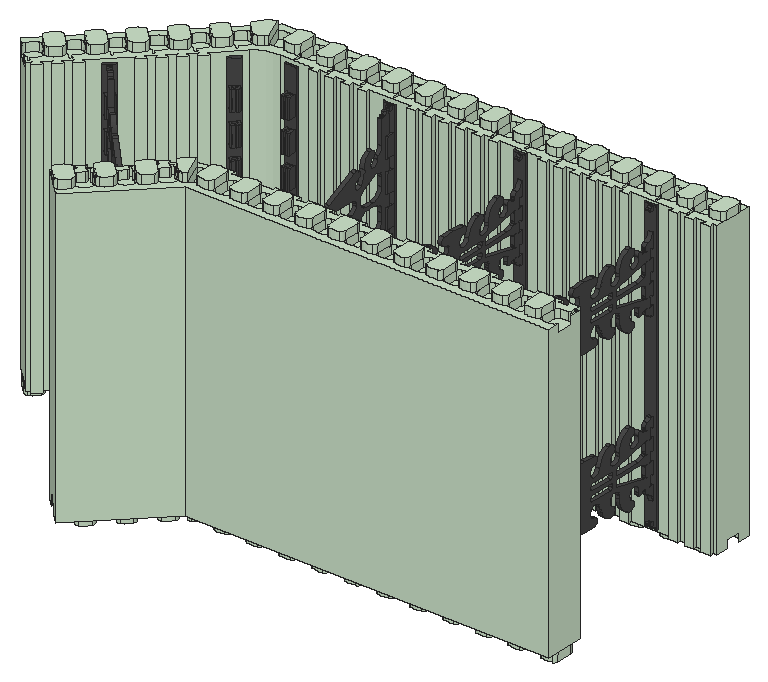
Revit family
Reference planes (in)
  plane 1 "Center (Front/Back)": y = 0
  plane 2: z = 0
  plane 3 "Center (Left/Right)": x = 0
  plane 4: y = 5
  plane 5: y = -5
  plane 6: through (-2.65685, 4.41421, 48) normal (0.7071, -0.7071, 0)
  plane 7: through (4.67464, 4.67464, 48) normal (0.7071, -0.7071, 0)
  plane 8: through (8.21018, 1.13911, 48) normal (0.7071, -0.7071, 0)
  plane 9: z = 18
Forms (in)
  Extrusion 1, solid, material "NUDURA Expanded Polystyrene Foam Insulation"
    sketch origin (0, 0, 0) x (1, 0, 0) y (0, 1, 0)
      loop
        line (-3.15838, 7.625) -> (-12.01911, -1.23573) -> (-10.33973, -2.91511) -> (-10.14091, -2.71629) -> (-10.00821, -2.93714) -> (-9.61058, -2.53952) -> (-9.83144, -2.40681) -> (-9.43381, -2.00919) -> (-9.30111, -2.23004) -> (-8.90348, -1.83241) -> (-9.12433, -1.69971) -> (-8.7267, -1.30208) -> (-8.594, -1.52293) -> (-8.19637, -1.1253) -> (-8.41722, -0.9926) -> (-6.60538, 0.81924) -> (-6.47268, 0.59839) -> (-6.07505, 0.99602) -> (-6.2959, 1.12872) -> (-5.89827, 1.52635) -> (-5.76557, 1.3055) -> (-5.36794, 1.70313) -> (-5.58879, 1.83583) -> (-5.19117, 2.23346) -> (-5.05846, 2.0126) -> (-4.66084, 2.41023) -> (-4.88169, 2.54293) -> (-4.48406, 2.94056) -> (-4.35136, 2.71971) -> (-3.95373, 3.11734) -> (-4.17458, 3.25004) -> (-2.76041, 4.66421)
        arc (-2.76041, 4.66421) -> (-2.11156, 5.09776) -> (-1.34619, 5.25) r 2
        line (-1.34619, 5.25) -> (0.65375, 5.25) -> (0.59142, 5) -> (1.15375, 5) -> (1.09142, 5.25) -> (1.65375, 5.25) -> (1.59142, 5) -> (2.15375, 5) -> (2.09142, 5.25) -> (2.65375, 5.25) -> (2.59142, 5) -> (3.15375, 5) -> (3.09142, 5.25) -> (3.65375, 5.25) -> (3.59142, 5) -> (4.15375, 5) -> (4.09142, 5.25) -> (6.65375, 5.25) -> (6.59142, 5) -> (7.15375, 5) -> (7.09142, 5.25) -> (7.65375, 5.25) -> (7.59142, 5) -> (8.15375, 5) -> (8.09142, 5.25) -> (8.65375, 5.25) -> (8.59142, 5) -> (9.15375, 5) -> (9.09142, 5.25) -> (9.65375, 5.25) -> (9.59142, 5) -> (10.15375, 5) -> (10.09142, 5.25) -> (10.65375, 5.25) -> (10.59142, 5) -> (11.15375, 5) -> (11.09142, 5.25) -> (11.65375, 5.25) -> (11.59142, 5) -> (12.15375, 5) -> (12.09142, 5.25) -> (14.65375, 5.25) -> (14.59142, 5) -> (15.15375, 5) -> (15.09142, 5.25) -> (15.65375, 5.25) -> (15.59142, 5) -> (16.15375, 5) -> (16.09142, 5.25) -> (16.65375, 5.25) -> (16.59142, 5) -> (17.15375, 5) -> (17.09142, 5.25) -> (17.65375, 5.25) -> (17.59142, 5) -> (18.15375, 5) -> (18.09142, 5.25) -> (18.65375, 5.25) -> (18.59142, 5) -> (19.15375, 5) -> (19.09142, 5.25) -> (19.65375, 5.25) -> (19.59142, 5) -> (20.15375, 5) -> (20.09142, 5.25) -> (22.65375, 5.25) -> (22.59142, 5) -> (23.15375, 5) -> (23.09142, 5.25) -> (23.65375, 5.25) -> (23.59142, 5) -> (24.15375, 5) -> (24.09142, 5.25) -> (24.65375, 5.25) -> (24.59142, 5) -> (25.15375, 5) -> (25.09142, 5.25) -> (25.37258, 5.25) -> (25.37258, 7.625) -> (-3.15838, 7.625)
      loop
        line (25.37258, -5.25) -> (25.09142, -5.25) -> (25.15375, -5) -> (24.59142, -5) -> (24.65375, -5.25) -> (24.09142, -5.25) -> (24.15375, -5) -> (23.59142, -5) -> (23.65375, -5.25) -> (23.09142, -5.25) -> (23.15375, -5) -> (22.59142, -5) -> (22.65375, -5.25) -> (20.09142, -5.25) -> (20.15375, -5) -> (19.59142, -5) -> (19.65375, -5.25) -> (19.09142, -5.25) -> (19.15375, -5) -> (18.59142, -5) -> (18.65375, -5.25) -> (18.09142, -5.25) -> (18.15375, -5) -> (17.59142, -5) -> (17.65375, -5.25) -> (17.09142, -5.25) -> (17.15375, -5) -> (16.59142, -5) -> (16.65375, -5.25) -> (16.09142, -5.25) -> (16.15375, -5) -> (15.59142, -5) -> (15.65375, -5.25) -> (15.09142, -5.25) -> (15.15375, -5) -> (14.59142, -5) -> (14.65375, -5.25) -> (12.09142, -5.25) -> (12.15375, -5) -> (11.59142, -5) -> (11.65375, -5.25) -> (11.09142, -5.25) -> (11.15375, -5) -> (10.59142, -5) -> (10.65375, -5.25) -> (10.09142, -5.25) -> (10.15375, -5) -> (9.59142, -5) -> (9.65375, -5.25) -> (9.09142, -5.25) -> (9.15375, -5) -> (8.59142, -5) -> (8.65375, -5.25) -> (8.09142, -5.25) -> (8.15375, -5) -> (7.59142, -5) -> (7.65375, -5.25) -> (7.09142, -5.25) -> (7.15375, -5) -> (6.59142, -5) -> (6.65375, -5.25) -> (4.09142, -5.25) -> (4.15375, -5) -> (3.59142, -5) -> (3.65375, -5.25) -> (3.00305, -5.25)
        arc (3.00305, -5.25) -> (2.23768, -5.40224) -> (1.58883, -5.83579) r 2
        line (1.58883, -5.83579) -> (1.12872, -6.2959) -> (0.99602, -6.07505) -> (0.59839, -6.47268) -> (0.81924, -6.60538) -> (-0.9926, -8.41722) -> (-1.1253, -8.19637) -> (-1.52293, -8.594) -> (-1.30208, -8.7267) -> (-1.69971, -9.12433) -> (-1.83241, -8.90348) -> (-2.23004, -9.30111) -> (-2.00919, -9.43381) -> (-2.40681, -9.83144) -> (-2.53952, -9.61058) -> (-2.93714, -10.00821) -> (-2.71629, -10.14091) -> (-2.91511, -10.33973) -> (-1.23573, -12.01911) -> (3.15838, -7.625) -> (25.37258, -7.625) -> (25.37258, -5.25)
    from 0 to 18
  Extrusion 2, solid, material "NUDURA Expanded Polystyrene Foam Insulation"
    sketch origin (-0.82843, 2, 0) x (1, 0, 0) y (0, 1, 0)
      loop
        line (-1.52741, 3.6875) -> (-2.09947, 5.06856)
        arc (-2.09947, 5.06856) -> (-2.3696, 4.92417) -> (-2.60638, 4.72985) r 1.5625
        line (-2.60638, 4.72985) -> (-2.74959, 4.58664)
        arc (-2.74959, 4.58664) -> (-2.85744, 4.46046) -> (-2.94431, 4.31902) r 1.0625
        arc (-2.94431, 4.31902) -> (-2.96867, 4.16628) -> (-2.8985, 4.02844) r 0.25
        line (-2.8985, 4.02844) -> (-2.24713, 3.37708)
        arc (-2.24713, 3.37708) -> (-2.10929, 3.3069) -> (-1.95655, 3.33126) r 0.25
        arc (-1.95655, 3.33126) -> (-1.81511, 3.41814) -> (-1.68893, 3.52598) r 1.0625
        line (-1.68893, 3.52598) -> (-1.52741, 3.6875)
    from 18 to 18.5
  Extrusion 3, solid, material "NUDURA Expanded Polystyrene Foam Insulation"
    sketch origin (-0.82843, 2, 0) x (1, 0, 0) y (0, 1, 0)
      loop
        line (-1.52741, 3.6875) -> (-1.29899, 3.6875)
        arc (-1.29899, 3.6875) -> (-1.13351, 3.70047) -> (-0.97207, 3.73905) r 1.0625
        arc (-0.97207, 3.73905) -> (-0.84684, 3.82983) -> (-0.79899, 3.97692) r 0.25
        line (-0.79899, 3.97692) -> (-0.79899, 4.89808)
        arc (-0.79899, 4.89808) -> (-0.84684, 5.04517) -> (-0.97207, 5.13595) r 0.25
        arc (-0.97207, 5.13595) -> (-1.13351, 5.17453) -> (-1.29899, 5.1875) r 1.0625
        line (-1.29899, 5.1875) -> (-1.50152, 5.1875)
        arc (-1.50152, 5.1875) -> (-1.80635, 5.15748) -> (-2.09947, 5.06856) r 1.5625
        line (-2.09947, 5.06856) -> (-1.52741, 3.6875)
    from 0 to -0.5
  Extrusion 4, void
    sketch origin (0.57763, -2.23448, 0) x (1, 0, 0) y (0, 1, 0)
      loop
        arc (-1.33783, -8.60117) -> (-1.07021, -8.40645) -> (-0.87549, -8.13883) r 1.0625
        arc (-0.87549, -8.13883) -> (-0.85114, -7.98608) -> (-0.92131, -7.84824) r 0.25
        line (-0.92131, -7.84824) -> (-1.57267, -7.19688)
        arc (-1.57267, -7.19688) -> (-1.64938, -7.14456) -> (-1.7399, -7.12384) r 0.25
        arc (-1.7399, -7.12384) -> (-1.76253, -7.11866) -> (-1.78171, -7.10558) r 0.0625
        line (-1.78171, -7.10558) -> (-2.02643, -6.86086) -> (-2.14723, -6.98165) -> (-1.99053, -7.13835)
        arc (-1.99053, -7.13835) -> (-1.97244, -7.18765) -> (-1.99833, -7.23335) r 0.0625
        arc (-1.99833, -7.23335) -> (-2.18471, -7.40379) -> (-2.32559, -7.6134) r 1.0625
        arc (-2.32559, -7.6134) -> (-2.34995, -7.76615) -> (-2.27978, -7.90399) r 0.25
        line (-2.27978, -7.90399) -> (-1.62842, -8.55535)
        arc (-1.62842, -8.55535) -> (-1.49058, -8.62552) -> (-1.33783, -8.60117) r 0.25
    from 18 to 17.5
  Extrusion 5, void
    sketch origin (1.99184, -0.82027, 0) x (1, 0, 0) y (0, 1, 0)
      loop
        arc (-1.33783, -8.60117) -> (-1.07021, -8.40645) -> (-0.87549, -8.13883) r 1.0625
        arc (-0.87549, -8.13883) -> (-0.85114, -7.98608) -> (-0.92131, -7.84824) r 0.25
        line (-0.92131, -7.84824) -> (-1.57267, -7.19688)
        arc (-1.57267, -7.19688) -> (-1.64938, -7.14456) -> (-1.7399, -7.12384) r 0.25
        arc (-1.7399, -7.12384) -> (-1.76253, -7.11866) -> (-1.78171, -7.10558) r 0.0625
        line (-1.78171, -7.10558) -> (-2.02643, -6.86086) -> (-2.14723, -6.98165) -> (-1.99053, -7.13835)
        arc (-1.99053, -7.13835) -> (-1.97244, -7.18765) -> (-1.99833, -7.23335) r 0.0625
        arc (-1.99833, -7.23335) -> (-2.18471, -7.40379) -> (-2.32559, -7.6134) r 1.0625
        arc (-2.32559, -7.6134) -> (-2.34995, -7.76615) -> (-2.27978, -7.90399) r 0.25
        line (-2.27978, -7.90399) -> (-1.62842, -8.55535)
        arc (-1.62842, -8.55535) -> (-1.49058, -8.62552) -> (-1.33783, -8.60117) r 0.25
    from 18 to 17.5
  Extrusion 6, void
    sketch origin (11.57359, -1.98846, 0) x (0.707107, -0.707107, 0) y (0.707107, 0.707107, 0)
      loop
        arc (-1.33783, -8.60117) -> (-1.07021, -8.40645) -> (-0.87549, -8.13883) r 1.0625
        arc (-0.87549, -8.13883) -> (-0.85114, -7.98608) -> (-0.92131, -7.84824) r 0.25
        line (-0.92131, -7.84824) -> (-1.57267, -7.19688)
        arc (-1.57267, -7.19688) -> (-1.64938, -7.14456) -> (-1.7399, -7.12384) r 0.25
        arc (-1.7399, -7.12384) -> (-1.76253, -7.11866) -> (-1.78171, -7.10558) r 0.0625
        line (-1.78171, -7.10558) -> (-2.02643, -6.86086) -> (-2.14723, -6.98165) -> (-1.99053, -7.13835)
        arc (-1.99053, -7.13835) -> (-1.97244, -7.18765) -> (-1.99833, -7.23335) r 0.0625
        arc (-1.99833, -7.23335) -> (-2.18471, -7.40379) -> (-2.32559, -7.6134) r 1.0625
        arc (-2.32559, -7.6134) -> (-2.34995, -7.76615) -> (-2.27978, -7.90399) r 0.25
        line (-2.27978, -7.90399) -> (-1.62842, -8.55535)
        arc (-1.62842, -8.55535) -> (-1.49058, -8.62552) -> (-1.33783, -8.60117) r 0.25
    from 18 to 17.5
  Extrusion 7, void
    sketch origin (13.57359, -1.98846, 0) x (0.707107, -0.707107, 0) y (0.707107, 0.707107, 0)
      loop
        arc (-1.33783, -8.60117) -> (-1.07021, -8.40645) -> (-0.87549, -8.13883) r 1.0625
        arc (-0.87549, -8.13883) -> (-0.85114, -7.98608) -> (-0.92131, -7.84824) r 0.25
        line (-0.92131, -7.84824) -> (-1.57267, -7.19688)
        arc (-1.57267, -7.19688) -> (-1.64938, -7.14456) -> (-1.7399, -7.12384) r 0.25
        arc (-1.7399, -7.12384) -> (-1.76253, -7.11866) -> (-1.78171, -7.10558) r 0.0625
        line (-1.78171, -7.10558) -> (-2.02643, -6.86086) -> (-2.14723, -6.98165) -> (-1.99053, -7.13835)
        arc (-1.99053, -7.13835) -> (-1.97244, -7.18765) -> (-1.99833, -7.23335) r 0.0625
        arc (-1.99833, -7.23335) -> (-2.18471, -7.40379) -> (-2.32559, -7.6134) r 1.0625
        arc (-2.32559, -7.6134) -> (-2.34995, -7.76615) -> (-2.27978, -7.90399) r 0.25
        line (-2.27978, -7.90399) -> (-1.62842, -8.55535)
        arc (-1.62842, -8.55535) -> (-1.49058, -8.62552) -> (-1.33783, -8.60117) r 0.25
    from 18 to 17.5
  Extrusion 8, void
    sketch origin (15.57359, -1.98846, 0) x (0.707107, -0.707107, 0) y (0.707107, 0.707107, 0)
      loop
        arc (-1.33783, -8.60117) -> (-1.07021, -8.40645) -> (-0.87549, -8.13883) r 1.0625
        arc (-0.87549, -8.13883) -> (-0.85114, -7.98608) -> (-0.92131, -7.84824) r 0.25
        line (-0.92131, -7.84824) -> (-1.57267, -7.19688)
        arc (-1.57267, -7.19688) -> (-1.64938, -7.14456) -> (-1.7399, -7.12384) r 0.25
        arc (-1.7399, -7.12384) -> (-1.76253, -7.11866) -> (-1.78171, -7.10558) r 0.0625
        line (-1.78171, -7.10558) -> (-2.02643, -6.86086) -> (-2.14723, -6.98165) -> (-1.99053, -7.13835)
        arc (-1.99053, -7.13835) -> (-1.97244, -7.18765) -> (-1.99833, -7.23335) r 0.0625
        arc (-1.99833, -7.23335) -> (-2.18471, -7.40379) -> (-2.32559, -7.6134) r 1.0625
        arc (-2.32559, -7.6134) -> (-2.34995, -7.76615) -> (-2.27978, -7.90399) r 0.25
        line (-2.27978, -7.90399) -> (-1.62842, -8.55535)
        arc (-1.62842, -8.55535) -> (-1.49058, -8.62552) -> (-1.33783, -8.60117) r 0.25
    from 18 to 17.5
  Extrusion 9, void
    sketch origin (17.57359, -1.98846, 0) x (0.707107, -0.707107, 0) y (0.707107, 0.707107, 0)
      loop
        arc (-1.33783, -8.60117) -> (-1.07021, -8.40645) -> (-0.87549, -8.13883) r 1.0625
        arc (-0.87549, -8.13883) -> (-0.85114, -7.98608) -> (-0.92131, -7.84824) r 0.25
        line (-0.92131, -7.84824) -> (-1.57267, -7.19688)
        arc (-1.57267, -7.19688) -> (-1.64938, -7.14456) -> (-1.7399, -7.12384) r 0.25
        arc (-1.7399, -7.12384) -> (-1.76253, -7.11866) -> (-1.78171, -7.10558) r 0.0625
        line (-1.78171, -7.10558) -> (-2.02643, -6.86086) -> (-2.14723, -6.98165) -> (-1.99053, -7.13835)
        arc (-1.99053, -7.13835) -> (-1.97244, -7.18765) -> (-1.99833, -7.23335) r 0.0625
        arc (-1.99833, -7.23335) -> (-2.18471, -7.40379) -> (-2.32559, -7.6134) r 1.0625
        arc (-2.32559, -7.6134) -> (-2.34995, -7.76615) -> (-2.27978, -7.90399) r 0.25
        line (-2.27978, -7.90399) -> (-1.62842, -8.55535)
        arc (-1.62842, -8.55535) -> (-1.49058, -8.62552) -> (-1.33783, -8.60117) r 0.25
    from 18 to 17.5
  Extrusion 10, void
    sketch origin (19.57359, -1.98846, 0) x (0.707107, -0.707107, 0) y (0.707107, 0.707107, 0)
      loop
        arc (-1.33783, -8.60117) -> (-1.07021, -8.40645) -> (-0.87549, -8.13883) r 1.0625
        arc (-0.87549, -8.13883) -> (-0.85114, -7.98608) -> (-0.92131, -7.84824) r 0.25
        line (-0.92131, -7.84824) -> (-1.57267, -7.19688)
        arc (-1.57267, -7.19688) -> (-1.64938, -7.14456) -> (-1.7399, -7.12384) r 0.25
        arc (-1.7399, -7.12384) -> (-1.76253, -7.11866) -> (-1.78171, -7.10558) r 0.0625
        line (-1.78171, -7.10558) -> (-2.02643, -6.86086) -> (-2.14723, -6.98165) -> (-1.99053, -7.13835)
        arc (-1.99053, -7.13835) -> (-1.97244, -7.18765) -> (-1.99833, -7.23335) r 0.0625
        arc (-1.99833, -7.23335) -> (-2.18471, -7.40379) -> (-2.32559, -7.6134) r 1.0625
        arc (-2.32559, -7.6134) -> (-2.34995, -7.76615) -> (-2.27978, -7.90399) r 0.25
        line (-2.27978, -7.90399) -> (-1.62842, -8.55535)
        arc (-1.62842, -8.55535) -> (-1.49058, -8.62552) -> (-1.33783, -8.60117) r 0.25
    from 18 to 17.5
  Extrusion 11, void
    sketch origin (21.57359, -1.98846, 0) x (0.707107, -0.707107, 0) y (0.707107, 0.707107, 0)
      loop
        arc (-1.33783, -8.60117) -> (-1.07021, -8.40645) -> (-0.87549, -8.13883) r 1.0625
        arc (-0.87549, -8.13883) -> (-0.85114, -7.98608) -> (-0.92131, -7.84824) r 0.25
        line (-0.92131, -7.84824) -> (-1.57267, -7.19688)
        arc (-1.57267, -7.19688) -> (-1.64938, -7.14456) -> (-1.7399, -7.12384) r 0.25
        arc (-1.7399, -7.12384) -> (-1.76253, -7.11866) -> (-1.78171, -7.10558) r 0.0625
        line (-1.78171, -7.10558) -> (-2.02643, -6.86086) -> (-2.14723, -6.98165) -> (-1.99053, -7.13835)
        arc (-1.99053, -7.13835) -> (-1.97244, -7.18765) -> (-1.99833, -7.23335) r 0.0625
        arc (-1.99833, -7.23335) -> (-2.18471, -7.40379) -> (-2.32559, -7.6134) r 1.0625
        arc (-2.32559, -7.6134) -> (-2.34995, -7.76615) -> (-2.27978, -7.90399) r 0.25
        line (-2.27978, -7.90399) -> (-1.62842, -8.55535)
        arc (-1.62842, -8.55535) -> (-1.49058, -8.62552) -> (-1.33783, -8.60117) r 0.25
    from 18 to 17.5
  Extrusion 12, void
    sketch origin (23.57359, -1.98846, 0) x (0.707107, -0.707107, 0) y (0.707107, 0.707107, 0)
      loop
        arc (-1.33783, -8.60117) -> (-1.07021, -8.40645) -> (-0.87549, -8.13883) r 1.0625
        arc (-0.87549, -8.13883) -> (-0.85114, -7.98608) -> (-0.92131, -7.84824) r 0.25
        line (-0.92131, -7.84824) -> (-1.57267, -7.19688)
        arc (-1.57267, -7.19688) -> (-1.64938, -7.14456) -> (-1.7399, -7.12384) r 0.25
        arc (-1.7399, -7.12384) -> (-1.76253, -7.11866) -> (-1.78171, -7.10558) r 0.0625
        line (-1.78171, -7.10558) -> (-2.02643, -6.86086) -> (-2.14723, -6.98165) -> (-1.99053, -7.13835)
        arc (-1.99053, -7.13835) -> (-1.97244, -7.18765) -> (-1.99833, -7.23335) r 0.0625
        arc (-1.99833, -7.23335) -> (-2.18471, -7.40379) -> (-2.32559, -7.6134) r 1.0625
        arc (-2.32559, -7.6134) -> (-2.34995, -7.76615) -> (-2.27978, -7.90399) r 0.25
        line (-2.27978, -7.90399) -> (-1.62842, -8.55535)
        arc (-1.62842, -8.55535) -> (-1.49058, -8.62552) -> (-1.33783, -8.60117) r 0.25
    from 18 to 17.5
  Extrusion 13, void
    sketch origin (25.57359, -1.98846, 0) x (0.707107, -0.707107, 0) y (0.707107, 0.707107, 0)
      loop
        arc (-1.33783, -8.60117) -> (-1.07021, -8.40645) -> (-0.87549, -8.13883) r 1.0625
        arc (-0.87549, -8.13883) -> (-0.85114, -7.98608) -> (-0.92131, -7.84824) r 0.25
        line (-0.92131, -7.84824) -> (-1.57267, -7.19688)
        arc (-1.57267, -7.19688) -> (-1.64938, -7.14456) -> (-1.7399, -7.12384) r 0.25
        arc (-1.7399, -7.12384) -> (-1.76253, -7.11866) -> (-1.78171, -7.10558) r 0.0625
        line (-1.78171, -7.10558) -> (-2.02643, -6.86086) -> (-2.14723, -6.98165) -> (-1.99053, -7.13835)
        arc (-1.99053, -7.13835) -> (-1.97244, -7.18765) -> (-1.99833, -7.23335) r 0.0625
        arc (-1.99833, -7.23335) -> (-2.18471, -7.40379) -> (-2.32559, -7.6134) r 1.0625
        arc (-2.32559, -7.6134) -> (-2.34995, -7.76615) -> (-2.27978, -7.90399) r 0.25
        line (-2.27978, -7.90399) -> (-1.62842, -8.55535)
        arc (-1.62842, -8.55535) -> (-1.49058, -8.62552) -> (-1.33783, -8.60117) r 0.25
    from 18 to 17.5
  Extrusion 14, void
    sketch origin (27.57359, -1.98846, 0) x (0.707107, -0.707107, 0) y (0.707107, 0.707107, 0)
      loop
        arc (-1.33783, -8.60117) -> (-1.07021, -8.40645) -> (-0.87549, -8.13883) r 1.0625
        arc (-0.87549, -8.13883) -> (-0.85114, -7.98608) -> (-0.92131, -7.84824) r 0.25
        line (-0.92131, -7.84824) -> (-1.57267, -7.19688)
        arc (-1.57267, -7.19688) -> (-1.64938, -7.14456) -> (-1.7399, -7.12384) r 0.25
        arc (-1.7399, -7.12384) -> (-1.76253, -7.11866) -> (-1.78171, -7.10558) r 0.0625
        line (-1.78171, -7.10558) -> (-2.02643, -6.86086) -> (-2.14723, -6.98165) -> (-1.99053, -7.13835)
        arc (-1.99053, -7.13835) -> (-1.97244, -7.18765) -> (-1.99833, -7.23335) r 0.0625
        arc (-1.99833, -7.23335) -> (-2.18471, -7.40379) -> (-2.32559, -7.6134) r 1.0625
        arc (-2.32559, -7.6134) -> (-2.34995, -7.76615) -> (-2.27978, -7.90399) r 0.25
        line (-2.27978, -7.90399) -> (-1.62842, -8.55535)
        arc (-1.62842, -8.55535) -> (-1.49058, -8.62552) -> (-1.33783, -8.60117) r 0.25
    from 18 to 17.5
  Extrusion 15, void
    sketch origin (29.57359, -1.98846, 0) x (0.707107, -0.707107, 0) y (0.707107, 0.707107, 0)
      loop
        arc (-1.33783, -8.60117) -> (-1.07021, -8.40645) -> (-0.87549, -8.13883) r 1.0625
        arc (-0.87549, -8.13883) -> (-0.85114, -7.98608) -> (-0.92131, -7.84824) r 0.25
        line (-0.92131, -7.84824) -> (-1.57267, -7.19688)
        arc (-1.57267, -7.19688) -> (-1.64938, -7.14456) -> (-1.7399, -7.12384) r 0.25
        arc (-1.7399, -7.12384) -> (-1.76253, -7.11866) -> (-1.78171, -7.10558) r 0.0625
        line (-1.78171, -7.10558) -> (-2.02643, -6.86086) -> (-2.14723, -6.98165) -> (-1.99053, -7.13835)
        arc (-1.99053, -7.13835) -> (-1.97244, -7.18765) -> (-1.99833, -7.23335) r 0.0625
        arc (-1.99833, -7.23335) -> (-2.18471, -7.40379) -> (-2.32559, -7.6134) r 1.0625
        arc (-2.32559, -7.6134) -> (-2.34995, -7.76615) -> (-2.27978, -7.90399) r 0.25
        line (-2.27978, -7.90399) -> (-1.62842, -8.55535)
        arc (-1.62842, -8.55535) -> (-1.49058, -8.62552) -> (-1.33783, -8.60117) r 0.25
    from 18 to 17.5
  Extrusion 16, void
    sketch origin (31.57359, -1.98846, 0) x (0.707107, -0.707107, 0) y (0.707107, 0.707107, 0)
      loop
        arc (-1.33783, -8.60117) -> (-1.07021, -8.40645) -> (-0.87549, -8.13883) r 1.0625
        arc (-0.87549, -8.13883) -> (-0.85114, -7.98608) -> (-0.92131, -7.84824) r 0.25
        line (-0.92131, -7.84824) -> (-1.57267, -7.19688)
        arc (-1.57267, -7.19688) -> (-1.64938, -7.14456) -> (-1.7399, -7.12384) r 0.25
        arc (-1.7399, -7.12384) -> (-1.76253, -7.11866) -> (-1.78171, -7.10558) r 0.0625
        line (-1.78171, -7.10558) -> (-2.02643, -6.86086) -> (-2.14723, -6.98165) -> (-1.99053, -7.13835)
        arc (-1.99053, -7.13835) -> (-1.97244, -7.18765) -> (-1.99833, -7.23335) r 0.0625
        arc (-1.99833, -7.23335) -> (-2.18471, -7.40379) -> (-2.32559, -7.6134) r 1.0625
        arc (-2.32559, -7.6134) -> (-2.34995, -7.76615) -> (-2.27978, -7.90399) r 0.25
        line (-2.27978, -7.90399) -> (-1.62842, -8.55535)
        arc (-1.62842, -8.55535) -> (-1.49058, -8.62552) -> (-1.33783, -8.60117) r 0.25
    from 18 to 17.5
  Extrusion 17, void
    sketch origin (13.17157, 2, 0) x (-0.707107, 0.707107, 0) y (-0.707107, -0.707107, 0)
      loop
        arc (-1.33783, -8.60117) -> (-1.07021, -8.40645) -> (-0.87549, -8.13883) r 1.0625
        arc (-0.87549, -8.13883) -> (-0.85114, -7.98608) -> (-0.92131, -7.84824) r 0.25
        line (-0.92131, -7.84824) -> (-1.57267, -7.19688)
        arc (-1.57267, -7.19688) -> (-1.64938, -7.14456) -> (-1.7399, -7.12384) r 0.25
        arc (-1.7399, -7.12384) -> (-1.76253, -7.11866) -> (-1.78171, -7.10558) r 0.0625
        line (-1.78171, -7.10558) -> (-2.02643, -6.86086) -> (-2.14723, -6.98165) -> (-1.99053, -7.13835)
        arc (-1.99053, -7.13835) -> (-1.97244, -7.18765) -> (-1.99833, -7.23335) r 0.0625
        arc (-1.99833, -7.23335) -> (-2.18471, -7.40379) -> (-2.32559, -7.6134) r 1.0625
        arc (-2.32559, -7.6134) -> (-2.34995, -7.76615) -> (-2.27978, -7.90399) r 0.25
        line (-2.27978, -7.90399) -> (-1.62842, -8.55535)
        arc (-1.62842, -8.55535) -> (-1.49058, -8.62552) -> (-1.33783, -8.60117) r 0.25
    from 18 to 17.5
  Extrusion 18, void
    sketch origin (15.17157, 2, 0) x (-0.707107, 0.707107, 0) y (-0.707107, -0.707107, 0)
      loop
        arc (-1.33783, -8.60117) -> (-1.07021, -8.40645) -> (-0.87549, -8.13883) r 1.0625
        arc (-0.87549, -8.13883) -> (-0.85114, -7.98608) -> (-0.92131, -7.84824) r 0.25
        line (-0.92131, -7.84824) -> (-1.57267, -7.19688)
        arc (-1.57267, -7.19688) -> (-1.64938, -7.14456) -> (-1.7399, -7.12384) r 0.25
        arc (-1.7399, -7.12384) -> (-1.76253, -7.11866) -> (-1.78171, -7.10558) r 0.0625
        line (-1.78171, -7.10558) -> (-2.02643, -6.86086) -> (-2.14723, -6.98165) -> (-1.99053, -7.13835)
        arc (-1.99053, -7.13835) -> (-1.97244, -7.18765) -> (-1.99833, -7.23335) r 0.0625
        arc (-1.99833, -7.23335) -> (-2.18471, -7.40379) -> (-2.32559, -7.6134) r 1.0625
        arc (-2.32559, -7.6134) -> (-2.34995, -7.76615) -> (-2.27978, -7.90399) r 0.25
        line (-2.27978, -7.90399) -> (-1.62842, -8.55535)
        arc (-1.62842, -8.55535) -> (-1.49058, -8.62552) -> (-1.33783, -8.60117) r 0.25
    from 18 to 17.5
  Extrusion 19, void
    sketch origin (11.17157, 2, 0) x (-0.707107, 0.707107, 0) y (-0.707107, -0.707107, 0)
      loop
        arc (-1.33783, -8.60117) -> (-1.07021, -8.40645) -> (-0.87549, -8.13883) r 1.0625
        arc (-0.87549, -8.13883) -> (-0.85114, -7.98608) -> (-0.92131, -7.84824) r 0.25
        line (-0.92131, -7.84824) -> (-1.57267, -7.19688)
        arc (-1.57267, -7.19688) -> (-1.64938, -7.14456) -> (-1.7399, -7.12384) r 0.25
        arc (-1.7399, -7.12384) -> (-1.76253, -7.11866) -> (-1.78171, -7.10558) r 0.0625
        line (-1.78171, -7.10558) -> (-2.02643, -6.86086) -> (-2.14723, -6.98165) -> (-1.99053, -7.13835)
        arc (-1.99053, -7.13835) -> (-1.97244, -7.18765) -> (-1.99833, -7.23335) r 0.0625
        arc (-1.99833, -7.23335) -> (-2.18471, -7.40379) -> (-2.32559, -7.6134) r 1.0625
        arc (-2.32559, -7.6134) -> (-2.34995, -7.76615) -> (-2.27978, -7.90399) r 0.25
        line (-2.27978, -7.90399) -> (-1.62842, -8.55535)
        arc (-1.62842, -8.55535) -> (-1.49058, -8.62552) -> (-1.33783, -8.60117) r 0.25
    from 18 to 17.5
  Extrusion 20, void
    sketch origin (9.17157, 2, 0) x (-0.707107, 0.707107, 0) y (-0.707107, -0.707107, 0)
      loop
        arc (-1.33783, -8.60117) -> (-1.07021, -8.40645) -> (-0.87549, -8.13883) r 1.0625
        arc (-0.87549, -8.13883) -> (-0.85114, -7.98608) -> (-0.92131, -7.84824) r 0.25
        line (-0.92131, -7.84824) -> (-1.57267, -7.19688)
        arc (-1.57267, -7.19688) -> (-1.64938, -7.14456) -> (-1.7399, -7.12384) r 0.25
        arc (-1.7399, -7.12384) -> (-1.76253, -7.11866) -> (-1.78171, -7.10558) r 0.0625
        line (-1.78171, -7.10558) -> (-2.02643, -6.86086) -> (-2.14723, -6.98165) -> (-1.99053, -7.13835)
        arc (-1.99053, -7.13835) -> (-1.97244, -7.18765) -> (-1.99833, -7.23335) r 0.0625
        arc (-1.99833, -7.23335) -> (-2.18471, -7.40379) -> (-2.32559, -7.6134) r 1.0625
        arc (-2.32559, -7.6134) -> (-2.34995, -7.76615) -> (-2.27978, -7.90399) r 0.25
        line (-2.27978, -7.90399) -> (-1.62842, -8.55535)
        arc (-1.62842, -8.55535) -> (-1.49058, -8.62552) -> (-1.33783, -8.60117) r 0.25
    from 18 to 17.5
  Extrusion 21, void
    sketch origin (7.17157, 2, 0) x (-0.707107, 0.707107, 0) y (-0.707107, -0.707107, 0)
      loop
        arc (-1.33783, -8.60117) -> (-1.07021, -8.40645) -> (-0.87549, -8.13883) r 1.0625
        arc (-0.87549, -8.13883) -> (-0.85114, -7.98608) -> (-0.92131, -7.84824) r 0.25
        line (-0.92131, -7.84824) -> (-1.57267, -7.19688)
        arc (-1.57267, -7.19688) -> (-1.64938, -7.14456) -> (-1.7399, -7.12384) r 0.25
        arc (-1.7399, -7.12384) -> (-1.76253, -7.11866) -> (-1.78171, -7.10558) r 0.0625
        line (-1.78171, -7.10558) -> (-2.02643, -6.86086) -> (-2.14723, -6.98165) -> (-1.99053, -7.13835)
        arc (-1.99053, -7.13835) -> (-1.97244, -7.18765) -> (-1.99833, -7.23335) r 0.0625
        arc (-1.99833, -7.23335) -> (-2.18471, -7.40379) -> (-2.32559, -7.6134) r 1.0625
        arc (-2.32559, -7.6134) -> (-2.34995, -7.76615) -> (-2.27978, -7.90399) r 0.25
        line (-2.27978, -7.90399) -> (-1.62842, -8.55535)
        arc (-1.62842, -8.55535) -> (-1.49058, -8.62552) -> (-1.33783, -8.60117) r 0.25
    from 18 to 17.5
  Extrusion 22, void
    sketch origin (5.17157, 2, 0) x (-0.707107, 0.707107, 0) y (-0.707107, -0.707107, 0)
      loop
        arc (-1.33783, -8.60117) -> (-1.07021, -8.40645) -> (-0.87549, -8.13883) r 1.0625
        arc (-0.87549, -8.13883) -> (-0.85114, -7.98608) -> (-0.92131, -7.84824) r 0.25
        line (-0.92131, -7.84824) -> (-1.57267, -7.19688)
        arc (-1.57267, -7.19688) -> (-1.64938, -7.14456) -> (-1.7399, -7.12384) r 0.25
        arc (-1.7399, -7.12384) -> (-1.76253, -7.11866) -> (-1.78171, -7.10558) r 0.0625
        line (-1.78171, -7.10558) -> (-2.02643, -6.86086) -> (-2.14723, -6.98165) -> (-1.99053, -7.13835)
        arc (-1.99053, -7.13835) -> (-1.97244, -7.18765) -> (-1.99833, -7.23335) r 0.0625
        arc (-1.99833, -7.23335) -> (-2.18471, -7.40379) -> (-2.32559, -7.6134) r 1.0625
        arc (-2.32559, -7.6134) -> (-2.34995, -7.76615) -> (-2.27978, -7.90399) r 0.25
        line (-2.27978, -7.90399) -> (-1.62842, -8.55535)
        arc (-1.62842, -8.55535) -> (-1.49058, -8.62552) -> (-1.33783, -8.60117) r 0.25
    from 18 to 17.5
  Extrusion 23, void
    sketch origin (3.17157, 2, 0) x (-0.707107, 0.707107, 0) y (-0.707107, -0.707107, 0)
      loop
        arc (-1.33783, -8.60117) -> (-1.07021, -8.40645) -> (-0.87549, -8.13883) r 1.0625
        arc (-0.87549, -8.13883) -> (-0.85114, -7.98608) -> (-0.92131, -7.84824) r 0.25
        line (-0.92131, -7.84824) -> (-1.57267, -7.19688)
        arc (-1.57267, -7.19688) -> (-1.64938, -7.14456) -> (-1.7399, -7.12384) r 0.25
        arc (-1.7399, -7.12384) -> (-1.76253, -7.11866) -> (-1.78171, -7.10558) r 0.0625
        line (-1.78171, -7.10558) -> (-2.02643, -6.86086) -> (-2.14723, -6.98165) -> (-1.99053, -7.13835)
        arc (-1.99053, -7.13835) -> (-1.97244, -7.18765) -> (-1.99833, -7.23335) r 0.0625
        arc (-1.99833, -7.23335) -> (-2.18471, -7.40379) -> (-2.32559, -7.6134) r 1.0625
        arc (-2.32559, -7.6134) -> (-2.34995, -7.76615) -> (-2.27978, -7.90399) r 0.25
        line (-2.27978, -7.90399) -> (-1.62842, -8.55535)
        arc (-1.62842, -8.55535) -> (-1.49058, -8.62552) -> (-1.33783, -8.60117) r 0.25
    from 18 to 17.5
  Extrusion 24, void
    sketch origin (1.17157, 2, 0) x (-0.707107, 0.707107, 0) y (-0.707107, -0.707107, 0)
      loop
        arc (-1.33783, -8.60117) -> (-1.07021, -8.40645) -> (-0.87549, -8.13883) r 1.0625
        arc (-0.87549, -8.13883) -> (-0.85114, -7.98608) -> (-0.92131, -7.84824) r 0.25
        line (-0.92131, -7.84824) -> (-1.57267, -7.19688)
        arc (-1.57267, -7.19688) -> (-1.64938, -7.14456) -> (-1.7399, -7.12384) r 0.25
        arc (-1.7399, -7.12384) -> (-1.76253, -7.11866) -> (-1.78171, -7.10558) r 0.0625
        line (-1.78171, -7.10558) -> (-2.02643, -6.86086) -> (-2.14723, -6.98165) -> (-1.99053, -7.13835)
        arc (-1.99053, -7.13835) -> (-1.97244, -7.18765) -> (-1.99833, -7.23335) r 0.0625
        arc (-1.99833, -7.23335) -> (-2.18471, -7.40379) -> (-2.32559, -7.6134) r 1.0625
        arc (-2.32559, -7.6134) -> (-2.34995, -7.76615) -> (-2.27978, -7.90399) r 0.25
        line (-2.27978, -7.90399) -> (-1.62842, -8.55535)
        arc (-1.62842, -8.55535) -> (-1.49058, -8.62552) -> (-1.33783, -8.60117) r 0.25
    from 18 to 17.5
  Extrusion 25, void
    sketch origin (-0.82843, 2, 0) x (-0.707107, 0.707107, 0) y (-0.707107, -0.707107, 0)
      loop
        arc (-1.33783, -8.60117) -> (-1.07021, -8.40645) -> (-0.87549, -8.13883) r 1.0625
        arc (-0.87549, -8.13883) -> (-0.85114, -7.98608) -> (-0.92131, -7.84824) r 0.25
        line (-0.92131, -7.84824) -> (-1.57267, -7.19688)
        arc (-1.57267, -7.19688) -> (-1.64938, -7.14456) -> (-1.7399, -7.12384) r 0.25
        arc (-1.7399, -7.12384) -> (-1.76253, -7.11866) -> (-1.78171, -7.10558) r 0.0625
        line (-1.78171, -7.10558) -> (-2.02643, -6.86086) -> (-2.14723, -6.98165) -> (-1.99053, -7.13835)
        arc (-1.99053, -7.13835) -> (-1.97244, -7.18765) -> (-1.99833, -7.23335) r 0.0625
        arc (-1.99833, -7.23335) -> (-2.18471, -7.40379) -> (-2.32559, -7.6134) r 1.0625
        arc (-2.32559, -7.6134) -> (-2.34995, -7.76615) -> (-2.27978, -7.90399) r 0.25
        line (-2.27978, -7.90399) -> (-1.62842, -8.55535)
        arc (-1.62842, -8.55535) -> (-1.49058, -8.62552) -> (-1.33783, -8.60117) r 0.25
    from 18 to 17.5
  Extrusion 26, void
    sketch origin (-2.82843, 2, 0) x (-0.707107, 0.707107, 0) y (-0.707107, -0.707107, 0)
      loop
        arc (-1.33783, -8.60117) -> (-1.07021, -8.40645) -> (-0.87549, -8.13883) r 1.0625
        arc (-0.87549, -8.13883) -> (-0.85114, -7.98608) -> (-0.92131, -7.84824) r 0.25
        line (-0.92131, -7.84824) -> (-1.57267, -7.19688)
        arc (-1.57267, -7.19688) -> (-1.64938, -7.14456) -> (-1.7399, -7.12384) r 0.25
        arc (-1.7399, -7.12384) -> (-1.76253, -7.11866) -> (-1.78171, -7.10558) r 0.0625
        line (-1.78171, -7.10558) -> (-2.02643, -6.86086) -> (-2.14723, -6.98165) -> (-1.99053, -7.13835)
        arc (-1.99053, -7.13835) -> (-1.97244, -7.18765) -> (-1.99833, -7.23335) r 0.0625
        arc (-1.99833, -7.23335) -> (-2.18471, -7.40379) -> (-2.32559, -7.6134) r 1.0625
        arc (-2.32559, -7.6134) -> (-2.34995, -7.76615) -> (-2.27978, -7.90399) r 0.25
        line (-2.27978, -7.90399) -> (-1.62842, -8.55535)
        arc (-1.62842, -8.55535) -> (-1.49058, -8.62552) -> (-1.33783, -8.60117) r 0.25
    from 18 to 17.5
  Extrusion 27, void
    sketch origin (-4.82843, 2, 0) x (-0.707107, 0.707107, 0) y (-0.707107, -0.707107, 0)
      loop
        arc (-1.33783, -8.60117) -> (-1.07021, -8.40645) -> (-0.87549, -8.13883) r 1.0625
        arc (-0.87549, -8.13883) -> (-0.85114, -7.98608) -> (-0.92131, -7.84824) r 0.25
        line (-0.92131, -7.84824) -> (-1.57267, -7.19688)
        arc (-1.57267, -7.19688) -> (-1.64938, -7.14456) -> (-1.7399, -7.12384) r 0.25
        arc (-1.7399, -7.12384) -> (-1.76253, -7.11866) -> (-1.78171, -7.10558) r 0.0625
        line (-1.78171, -7.10558) -> (-2.02643, -6.86086) -> (-2.14723, -6.98165) -> (-1.99053, -7.13835)
        arc (-1.99053, -7.13835) -> (-1.97244, -7.18765) -> (-1.99833, -7.23335) r 0.0625
        arc (-1.99833, -7.23335) -> (-2.18471, -7.40379) -> (-2.32559, -7.6134) r 1.0625
        arc (-2.32559, -7.6134) -> (-2.34995, -7.76615) -> (-2.27978, -7.90399) r 0.25
        line (-2.27978, -7.90399) -> (-1.62842, -8.55535)
        arc (-1.62842, -8.55535) -> (-1.49058, -8.62552) -> (-1.33783, -8.60117) r 0.25
    from 18 to 17.5
  Extrusion 28, void
    sketch origin (-6.82843, 2, 0) x (-0.707107, 0.707107, 0) y (-0.707107, -0.707107, 0)
      loop
        arc (-1.33783, -8.60117) -> (-1.07021, -8.40645) -> (-0.87549, -8.13883) r 1.0625
        arc (-0.87549, -8.13883) -> (-0.85114, -7.98608) -> (-0.92131, -7.84824) r 0.25
        line (-0.92131, -7.84824) -> (-1.57267, -7.19688)
        arc (-1.57267, -7.19688) -> (-1.64938, -7.14456) -> (-1.7399, -7.12384) r 0.25
        arc (-1.7399, -7.12384) -> (-1.76253, -7.11866) -> (-1.78171, -7.10558) r 0.0625
        line (-1.78171, -7.10558) -> (-2.02643, -6.86086) -> (-2.14723, -6.98165) -> (-1.99053, -7.13835)
        arc (-1.99053, -7.13835) -> (-1.97244, -7.18765) -> (-1.99833, -7.23335) r 0.0625
        arc (-1.99833, -7.23335) -> (-2.18471, -7.40379) -> (-2.32559, -7.6134) r 1.0625
        arc (-2.32559, -7.6134) -> (-2.34995, -7.76615) -> (-2.27978, -7.90399) r 0.25
        line (-2.27978, -7.90399) -> (-1.62842, -8.55535)
        arc (-1.62842, -8.55535) -> (-1.49058, -8.62552) -> (-1.33783, -8.60117) r 0.25
    from 18 to 17.5
  Extrusion 29, void
    sketch origin (-11.01219, -8.18377, 0) x (-1, 0, 0) y (0, -1, 0)
      loop
        arc (-1.33783, -8.60117) -> (-1.07021, -8.40645) -> (-0.87549, -8.13883) r 1.0625
        arc (-0.87549, -8.13883) -> (-0.85114, -7.98608) -> (-0.92131, -7.84824) r 0.25
        line (-0.92131, -7.84824) -> (-1.57267, -7.19688)
        arc (-1.57267, -7.19688) -> (-1.64938, -7.14456) -> (-1.7399, -7.12384) r 0.25
        arc (-1.7399, -7.12384) -> (-1.76253, -7.11866) -> (-1.78171, -7.10558) r 0.0625
        line (-1.78171, -7.10558) -> (-2.02643, -6.86086) -> (-2.14723, -6.98165) -> (-1.99053, -7.13835)
        arc (-1.99053, -7.13835) -> (-1.97244, -7.18765) -> (-1.99833, -7.23335) r 0.0625
        arc (-1.99833, -7.23335) -> (-2.18471, -7.40379) -> (-2.32559, -7.6134) r 1.0625
        arc (-2.32559, -7.6134) -> (-2.34995, -7.76615) -> (-2.27978, -7.90399) r 0.25
        line (-2.27978, -7.90399) -> (-1.62842, -8.55535)
        arc (-1.62842, -8.55535) -> (-1.49058, -8.62552) -> (-1.33783, -8.60117) r 0.25
    from 18 to 17.5
  Extrusion 30, void
    sketch origin (-9.59798, -6.76955, 0) x (-1, 0, 0) y (0, -1, 0)
      loop
        arc (-1.33783, -8.60117) -> (-1.07021, -8.40645) -> (-0.87549, -8.13883) r 1.0625
        arc (-0.87549, -8.13883) -> (-0.85114, -7.98608) -> (-0.92131, -7.84824) r 0.25
        line (-0.92131, -7.84824) -> (-1.57267, -7.19688)
        arc (-1.57267, -7.19688) -> (-1.64938, -7.14456) -> (-1.7399, -7.12384) r 0.25
        arc (-1.7399, -7.12384) -> (-1.76253, -7.11866) -> (-1.78171, -7.10558) r 0.0625
        line (-1.78171, -7.10558) -> (-2.02643, -6.86086) -> (-2.14723, -6.98165) -> (-1.99053, -7.13835)
        arc (-1.99053, -7.13835) -> (-1.97244, -7.18765) -> (-1.99833, -7.23335) r 0.0625
        arc (-1.99833, -7.23335) -> (-2.18471, -7.40379) -> (-2.32559, -7.6134) r 1.0625
        arc (-2.32559, -7.6134) -> (-2.34995, -7.76615) -> (-2.27978, -7.90399) r 0.25
        line (-2.27978, -7.90399) -> (-1.62842, -8.55535)
        arc (-1.62842, -8.55535) -> (-1.49058, -8.62552) -> (-1.33783, -8.60117) r 0.25
    from 18 to 17.5
  Extrusion 31, void
    sketch origin (-8.18377, -5.35534, 0) x (-1, 0, 0) y (0, -1, 0)
      loop
        arc (-1.33783, -8.60117) -> (-1.07021, -8.40645) -> (-0.87549, -8.13883) r 1.0625
        arc (-0.87549, -8.13883) -> (-0.85114, -7.98608) -> (-0.92131, -7.84824) r 0.25
        line (-0.92131, -7.84824) -> (-1.57267, -7.19688)
        arc (-1.57267, -7.19688) -> (-1.64938, -7.14456) -> (-1.7399, -7.12384) r 0.25
        arc (-1.7399, -7.12384) -> (-1.76253, -7.11866) -> (-1.78171, -7.10558) r 0.0625
        line (-1.78171, -7.10558) -> (-2.02643, -6.86086) -> (-2.14723, -6.98165) -> (-1.99053, -7.13835)
        arc (-1.99053, -7.13835) -> (-1.97244, -7.18765) -> (-1.99833, -7.23335) r 0.0625
        arc (-1.99833, -7.23335) -> (-2.18471, -7.40379) -> (-2.32559, -7.6134) r 1.0625
        arc (-2.32559, -7.6134) -> (-2.34995, -7.76615) -> (-2.27978, -7.90399) r 0.25
        line (-2.27978, -7.90399) -> (-1.62842, -8.55535)
        arc (-1.62842, -8.55535) -> (-1.49058, -8.62552) -> (-1.33783, -8.60117) r 0.25
    from 18 to 17.5
  Extrusion 32, void
    sketch origin (-6.76955, -3.94113, 0) x (-1, 0, 0) y (0, -1, 0)
      loop
        arc (-1.33783, -8.60117) -> (-1.07021, -8.40645) -> (-0.87549, -8.13883) r 1.0625
        arc (-0.87549, -8.13883) -> (-0.85114, -7.98608) -> (-0.92131, -7.84824) r 0.25
        line (-0.92131, -7.84824) -> (-1.57267, -7.19688)
        arc (-1.57267, -7.19688) -> (-1.64938, -7.14456) -> (-1.7399, -7.12384) r 0.25
        arc (-1.7399, -7.12384) -> (-1.76253, -7.11866) -> (-1.78171, -7.10558) r 0.0625
        line (-1.78171, -7.10558) -> (-2.02643, -6.86086) -> (-2.14723, -6.98165) -> (-1.99053, -7.13835)
        arc (-1.99053, -7.13835) -> (-1.97244, -7.18765) -> (-1.99833, -7.23335) r 0.0625
        arc (-1.99833, -7.23335) -> (-2.18471, -7.40379) -> (-2.32559, -7.6134) r 1.0625
        arc (-2.32559, -7.6134) -> (-2.34995, -7.76615) -> (-2.27978, -7.90399) r 0.25
        line (-2.27978, -7.90399) -> (-1.62842, -8.55535)
        arc (-1.62842, -8.55535) -> (-1.49058, -8.62552) -> (-1.33783, -8.60117) r 0.25
    from 18 to 17.5
  Extrusion 33, void
    sketch origin (-5.35534, -2.52691, 0) x (-1, 0, 0) y (0, -1, 0)
      loop
        arc (-1.33783, -8.60117) -> (-1.07021, -8.40645) -> (-0.87549, -8.13883) r 1.0625
        arc (-0.87549, -8.13883) -> (-0.85114, -7.98608) -> (-0.92131, -7.84824) r 0.25
        line (-0.92131, -7.84824) -> (-1.57267, -7.19688)
        arc (-1.57267, -7.19688) -> (-1.64938, -7.14456) -> (-1.7399, -7.12384) r 0.25
        arc (-1.7399, -7.12384) -> (-1.76253, -7.11866) -> (-1.78171, -7.10558) r 0.0625
        line (-1.78171, -7.10558) -> (-2.02643, -6.86086) -> (-2.14723, -6.98165) -> (-1.99053, -7.13835)
        arc (-1.99053, -7.13835) -> (-1.97244, -7.18765) -> (-1.99833, -7.23335) r 0.0625
        arc (-1.99833, -7.23335) -> (-2.18471, -7.40379) -> (-2.32559, -7.6134) r 1.0625
        arc (-2.32559, -7.6134) -> (-2.34995, -7.76615) -> (-2.27978, -7.90399) r 0.25
        line (-2.27978, -7.90399) -> (-1.62842, -8.55535)
        arc (-1.62842, -8.55535) -> (-1.49058, -8.62552) -> (-1.33783, -8.60117) r 0.25
    from 18 to 17.5
  Extrusion 34, void
    sketch origin (-0.82843, 2, 0) x (1, 0, 0) y (0, 1, 0)
      loop
        line (-1.52741, 3.6875) -> (-1.29899, 3.6875)
        arc (-1.29899, 3.6875) -> (-1.13351, 3.70047) -> (-0.97207, 3.73905) r 1.0625
        arc (-0.97207, 3.73905) -> (-0.84684, 3.82983) -> (-0.79899, 3.97692) r 0.25
        line (-0.79899, 3.97692) -> (-0.79899, 4.89808)
        arc (-0.79899, 4.89808) -> (-0.84684, 5.04517) -> (-0.97207, 5.13595) r 0.25
        arc (-0.97207, 5.13595) -> (-1.13351, 5.17453) -> (-1.29899, 5.1875) r 1.0625
        line (-1.29899, 5.1875) -> (-1.50152, 5.1875)
        arc (-1.50152, 5.1875) -> (-1.80635, 5.15748) -> (-2.09947, 5.06856) r 1.5625
        line (-2.09947, 5.06856) -> (-1.52741, 3.6875)
    from 18 to 17.5
  Extrusion 35, void
    sketch origin (-0.82843, 2, 0) x (1, 0, 0) y (0, 1, 0)
      loop
        line (-2.60638, 4.72985) -> (-2.74959, 4.58664)
        arc (-2.74959, 4.58664) -> (-2.85744, 4.46046) -> (-2.94431, 4.31902) r 1.0625
        arc (-2.94431, 4.31902) -> (-2.96867, 4.16628) -> (-2.8985, 4.02844) r 0.25
        line (-2.8985, 4.02844) -> (-2.24713, 3.37708)
        arc (-2.24713, 3.37708) -> (-2.10929, 3.3069) -> (-1.95655, 3.33126) r 0.25
        arc (-1.95655, 3.33126) -> (-1.81511, 3.41814) -> (-1.68893, 3.52598) r 1.0625
        line (-1.68893, 3.52598) -> (-1.52741, 3.6875) -> (-2.09947, 5.06856)
        arc (-2.09947, 5.06856) -> (-2.3696, 4.92417) -> (-2.60638, 4.72985) r 1.5625
    from 0 to 0.5
  Extrusion 36, void
    sketch origin (-9.60614, -12.41825, 0) x (0, -1, 0) y (1, 0, 0)
      loop
        arc (-1.33783, 8.60117) -> (-1.49058, 8.62552) -> (-1.62842, 8.55535) r 0.25
        line (-1.62842, 8.55535) -> (-2.27978, 7.90399)
        arc (-2.27978, 7.90399) -> (-2.34995, 7.76615) -> (-2.32559, 7.6134) r 0.25
        arc (-2.32559, 7.6134) -> (-2.18471, 7.40379) -> (-1.99833, 7.23335) r 1.0625
        arc (-1.99833, 7.23335) -> (-1.97244, 7.18765) -> (-1.99053, 7.13835) r 0.0625
        line (-1.99053, 7.13835) -> (-2.14723, 6.98165) -> (-2.02643, 6.86086) -> (-1.78171, 7.10558)
        arc (-1.78171, 7.10558) -> (-1.76253, 7.11866) -> (-1.7399, 7.12384) r 0.0625
        arc (-1.7399, 7.12384) -> (-1.64938, 7.14456) -> (-1.57267, 7.19688) r 0.25
        line (-1.57267, 7.19688) -> (-0.92131, 7.84824)
        arc (-0.92131, 7.84824) -> (-0.85114, 7.98608) -> (-0.87549, 8.13883) r 0.25
        arc (-0.87549, 8.13883) -> (-1.07021, 8.40645) -> (-1.33783, 8.60117) r 1.0625
    from 0 to 0.5
  Extrusion 37, void
    sketch origin (-8.19193, -11.00403, 0) x (0, -1, 0) y (1, 0, 0)
      loop
        arc (-1.33783, 8.60117) -> (-1.49058, 8.62552) -> (-1.62842, 8.55535) r 0.25
        line (-1.62842, 8.55535) -> (-2.27978, 7.90399)
        arc (-2.27978, 7.90399) -> (-2.34995, 7.76615) -> (-2.32559, 7.6134) r 0.25
        arc (-2.32559, 7.6134) -> (-2.18471, 7.40379) -> (-1.99833, 7.23335) r 1.0625
        arc (-1.99833, 7.23335) -> (-1.97244, 7.18765) -> (-1.99053, 7.13835) r 0.0625
        line (-1.99053, 7.13835) -> (-2.14723, 6.98165) -> (-2.02643, 6.86086) -> (-1.78171, 7.10558)
        arc (-1.78171, 7.10558) -> (-1.76253, 7.11866) -> (-1.7399, 7.12384) r 0.0625
        arc (-1.7399, 7.12384) -> (-1.64938, 7.14456) -> (-1.57267, 7.19688) r 0.25
        line (-1.57267, 7.19688) -> (-0.92131, 7.84824)
        arc (-0.92131, 7.84824) -> (-0.85114, 7.98608) -> (-0.87549, 8.13883) r 0.25
        arc (-0.87549, 8.13883) -> (-1.07021, 8.40645) -> (-1.33783, 8.60117) r 1.0625
    from 0 to 0.5
  Extrusion 38, void
    sketch origin (-6.77771, -9.58982, 0) x (0, -1, 0) y (1, 0, 0)
      loop
        arc (-1.33783, 8.60117) -> (-1.49058, 8.62552) -> (-1.62842, 8.55535) r 0.25
        line (-1.62842, 8.55535) -> (-2.27978, 7.90399)
        arc (-2.27978, 7.90399) -> (-2.34995, 7.76615) -> (-2.32559, 7.6134) r 0.25
        arc (-2.32559, 7.6134) -> (-2.18471, 7.40379) -> (-1.99833, 7.23335) r 1.0625
        arc (-1.99833, 7.23335) -> (-1.97244, 7.18765) -> (-1.99053, 7.13835) r 0.0625
        line (-1.99053, 7.13835) -> (-2.14723, 6.98165) -> (-2.02643, 6.86086) -> (-1.78171, 7.10558)
        arc (-1.78171, 7.10558) -> (-1.76253, 7.11866) -> (-1.7399, 7.12384) r 0.0625
        arc (-1.7399, 7.12384) -> (-1.64938, 7.14456) -> (-1.57267, 7.19688) r 0.25
        line (-1.57267, 7.19688) -> (-0.92131, 7.84824)
        arc (-0.92131, 7.84824) -> (-0.85114, 7.98608) -> (-0.87549, 8.13883) r 0.25
        arc (-0.87549, 8.13883) -> (-1.07021, 8.40645) -> (-1.33783, 8.60117) r 1.0625
    from 0 to 0.5
  Extrusion 39, void
    sketch origin (-0.82843, -1.98846, 0) x (-0.707107, -0.707107, 0) y (0.707107, -0.707107, 0)
      loop
        arc (-1.33783, 8.60117) -> (-1.49058, 8.62552) -> (-1.62842, 8.55535) r 0.25
        line (-1.62842, 8.55535) -> (-2.27978, 7.90399)
        arc (-2.27978, 7.90399) -> (-2.34995, 7.76615) -> (-2.32559, 7.6134) r 0.25
        arc (-2.32559, 7.6134) -> (-2.18471, 7.40379) -> (-1.99833, 7.23335) r 1.0625
        arc (-1.99833, 7.23335) -> (-1.97244, 7.18765) -> (-1.99053, 7.13835) r 0.0625
        line (-1.99053, 7.13835) -> (-2.14723, 6.98165) -> (-2.02643, 6.86086) -> (-1.78171, 7.10558)
        arc (-1.78171, 7.10558) -> (-1.76253, 7.11866) -> (-1.7399, 7.12384) r 0.0625
        arc (-1.7399, 7.12384) -> (-1.64938, 7.14456) -> (-1.57267, 7.19688) r 0.25
        line (-1.57267, 7.19688) -> (-0.92131, 7.84824)
        arc (-0.92131, 7.84824) -> (-0.85114, 7.98608) -> (-0.87549, 8.13883) r 0.25
        arc (-0.87549, 8.13883) -> (-1.07021, 8.40645) -> (-1.33783, 8.60117) r 1.0625
    from 0 to 0.5
  Extrusion 40, void
    sketch origin (1.17157, -1.98846, 0) x (-0.707107, -0.707107, 0) y (0.707107, -0.707107, 0)
      loop
        arc (-1.33783, 8.60117) -> (-1.49058, 8.62552) -> (-1.62842, 8.55535) r 0.25
        line (-1.62842, 8.55535) -> (-2.27978, 7.90399)
        arc (-2.27978, 7.90399) -> (-2.34995, 7.76615) -> (-2.32559, 7.6134) r 0.25
        arc (-2.32559, 7.6134) -> (-2.18471, 7.40379) -> (-1.99833, 7.23335) r 1.0625
        arc (-1.99833, 7.23335) -> (-1.97244, 7.18765) -> (-1.99053, 7.13835) r 0.0625
        line (-1.99053, 7.13835) -> (-2.14723, 6.98165) -> (-2.02643, 6.86086) -> (-1.78171, 7.10558)
        arc (-1.78171, 7.10558) -> (-1.76253, 7.11866) -> (-1.7399, 7.12384) r 0.0625
        arc (-1.7399, 7.12384) -> (-1.64938, 7.14456) -> (-1.57267, 7.19688) r 0.25
        line (-1.57267, 7.19688) -> (-0.92131, 7.84824)
        arc (-0.92131, 7.84824) -> (-0.85114, 7.98608) -> (-0.87549, 8.13883) r 0.25
        arc (-0.87549, 8.13883) -> (-1.07021, 8.40645) -> (-1.33783, 8.60117) r 1.0625
    from 0 to 0.5
  Extrusion 41, void
    sketch origin (3.17157, -1.98846, 0) x (-0.707107, -0.707107, 0) y (0.707107, -0.707107, 0)
      loop
        arc (-1.33783, 8.60117) -> (-1.49058, 8.62552) -> (-1.62842, 8.55535) r 0.25
        line (-1.62842, 8.55535) -> (-2.27978, 7.90399)
        arc (-2.27978, 7.90399) -> (-2.34995, 7.76615) -> (-2.32559, 7.6134) r 0.25
        arc (-2.32559, 7.6134) -> (-2.18471, 7.40379) -> (-1.99833, 7.23335) r 1.0625
        arc (-1.99833, 7.23335) -> (-1.97244, 7.18765) -> (-1.99053, 7.13835) r 0.0625
        line (-1.99053, 7.13835) -> (-2.14723, 6.98165) -> (-2.02643, 6.86086) -> (-1.78171, 7.10558)
        arc (-1.78171, 7.10558) -> (-1.76253, 7.11866) -> (-1.7399, 7.12384) r 0.0625
        arc (-1.7399, 7.12384) -> (-1.64938, 7.14456) -> (-1.57267, 7.19688) r 0.25
        line (-1.57267, 7.19688) -> (-0.92131, 7.84824)
        arc (-0.92131, 7.84824) -> (-0.85114, 7.98608) -> (-0.87549, 8.13883) r 0.25
        arc (-0.87549, 8.13883) -> (-1.07021, 8.40645) -> (-1.33783, 8.60117) r 1.0625
    from 0 to 0.5
  Extrusion 42, void
    sketch origin (5.17157, -1.98846, 0) x (-0.707107, -0.707107, 0) y (0.707107, -0.707107, 0)
      loop
        arc (-1.33783, 8.60117) -> (-1.49058, 8.62552) -> (-1.62842, 8.55535) r 0.25
        line (-1.62842, 8.55535) -> (-2.27978, 7.90399)
        arc (-2.27978, 7.90399) -> (-2.34995, 7.76615) -> (-2.32559, 7.6134) r 0.25
        arc (-2.32559, 7.6134) -> (-2.18471, 7.40379) -> (-1.99833, 7.23335) r 1.0625
        arc (-1.99833, 7.23335) -> (-1.97244, 7.18765) -> (-1.99053, 7.13835) r 0.0625
        line (-1.99053, 7.13835) -> (-2.14723, 6.98165) -> (-2.02643, 6.86086) -> (-1.78171, 7.10558)
        arc (-1.78171, 7.10558) -> (-1.76253, 7.11866) -> (-1.7399, 7.12384) r 0.0625
        arc (-1.7399, 7.12384) -> (-1.64938, 7.14456) -> (-1.57267, 7.19688) r 0.25
        line (-1.57267, 7.19688) -> (-0.92131, 7.84824)
        arc (-0.92131, 7.84824) -> (-0.85114, 7.98608) -> (-0.87549, 8.13883) r 0.25
        arc (-0.87549, 8.13883) -> (-1.07021, 8.40645) -> (-1.33783, 8.60117) r 1.0625
    from 0 to 0.5
  Extrusion 43, void
    sketch origin (7.17157, -1.98846, 0) x (-0.707107, -0.707107, 0) y (0.707107, -0.707107, 0)
      loop
        arc (-1.33783, 8.60117) -> (-1.49058, 8.62552) -> (-1.62842, 8.55535) r 0.25
        line (-1.62842, 8.55535) -> (-2.27978, 7.90399)
        arc (-2.27978, 7.90399) -> (-2.34995, 7.76615) -> (-2.32559, 7.6134) r 0.25
        arc (-2.32559, 7.6134) -> (-2.18471, 7.40379) -> (-1.99833, 7.23335) r 1.0625
        arc (-1.99833, 7.23335) -> (-1.97244, 7.18765) -> (-1.99053, 7.13835) r 0.0625
        line (-1.99053, 7.13835) -> (-2.14723, 6.98165) -> (-2.02643, 6.86086) -> (-1.78171, 7.10558)
        arc (-1.78171, 7.10558) -> (-1.76253, 7.11866) -> (-1.7399, 7.12384) r 0.0625
        arc (-1.7399, 7.12384) -> (-1.64938, 7.14456) -> (-1.57267, 7.19688) r 0.25
        line (-1.57267, 7.19688) -> (-0.92131, 7.84824)
        arc (-0.92131, 7.84824) -> (-0.85114, 7.98608) -> (-0.87549, 8.13883) r 0.25
        arc (-0.87549, 8.13883) -> (-1.07021, 8.40645) -> (-1.33783, 8.60117) r 1.0625
    from 0 to 0.5
  Extrusion 44, void
    sketch origin (9.17157, -1.98846, 0) x (-0.707107, -0.707107, 0) y (0.707107, -0.707107, 0)
      loop
        arc (-1.33783, 8.60117) -> (-1.49058, 8.62552) -> (-1.62842, 8.55535) r 0.25
        line (-1.62842, 8.55535) -> (-2.27978, 7.90399)
        arc (-2.27978, 7.90399) -> (-2.34995, 7.76615) -> (-2.32559, 7.6134) r 0.25
        arc (-2.32559, 7.6134) -> (-2.18471, 7.40379) -> (-1.99833, 7.23335) r 1.0625
        arc (-1.99833, 7.23335) -> (-1.97244, 7.18765) -> (-1.99053, 7.13835) r 0.0625
        line (-1.99053, 7.13835) -> (-2.14723, 6.98165) -> (-2.02643, 6.86086) -> (-1.78171, 7.10558)
        arc (-1.78171, 7.10558) -> (-1.76253, 7.11866) -> (-1.7399, 7.12384) r 0.0625
        arc (-1.7399, 7.12384) -> (-1.64938, 7.14456) -> (-1.57267, 7.19688) r 0.25
        line (-1.57267, 7.19688) -> (-0.92131, 7.84824)
        arc (-0.92131, 7.84824) -> (-0.85114, 7.98608) -> (-0.87549, 8.13883) r 0.25
        arc (-0.87549, 8.13883) -> (-1.07021, 8.40645) -> (-1.33783, 8.60117) r 1.0625
    from 0 to 0.5
  Extrusion 45, void
    sketch origin (11.17157, -1.98846, 0) x (-0.707107, -0.707107, 0) y (0.707107, -0.707107, 0)
      loop
        arc (-1.33783, 8.60117) -> (-1.49058, 8.62552) -> (-1.62842, 8.55535) r 0.25
        line (-1.62842, 8.55535) -> (-2.27978, 7.90399)
        arc (-2.27978, 7.90399) -> (-2.34995, 7.76615) -> (-2.32559, 7.6134) r 0.25
        arc (-2.32559, 7.6134) -> (-2.18471, 7.40379) -> (-1.99833, 7.23335) r 1.0625
        arc (-1.99833, 7.23335) -> (-1.97244, 7.18765) -> (-1.99053, 7.13835) r 0.0625
        line (-1.99053, 7.13835) -> (-2.14723, 6.98165) -> (-2.02643, 6.86086) -> (-1.78171, 7.10558)
        arc (-1.78171, 7.10558) -> (-1.76253, 7.11866) -> (-1.7399, 7.12384) r 0.0625
        arc (-1.7399, 7.12384) -> (-1.64938, 7.14456) -> (-1.57267, 7.19688) r 0.25
        line (-1.57267, 7.19688) -> (-0.92131, 7.84824)
        arc (-0.92131, 7.84824) -> (-0.85114, 7.98608) -> (-0.87549, 8.13883) r 0.25
        arc (-0.87549, 8.13883) -> (-1.07021, 8.40645) -> (-1.33783, 8.60117) r 1.0625
    from 0 to 0.5
  Extrusion 46, void
    sketch origin (13.17157, -1.98846, 0) x (-0.707107, -0.707107, 0) y (0.707107, -0.707107, 0)
      loop
        arc (-1.33783, 8.60117) -> (-1.49058, 8.62552) -> (-1.62842, 8.55535) r 0.25
        line (-1.62842, 8.55535) -> (-2.27978, 7.90399)
        arc (-2.27978, 7.90399) -> (-2.34995, 7.76615) -> (-2.32559, 7.6134) r 0.25
        arc (-2.32559, 7.6134) -> (-2.18471, 7.40379) -> (-1.99833, 7.23335) r 1.0625
        arc (-1.99833, 7.23335) -> (-1.97244, 7.18765) -> (-1.99053, 7.13835) r 0.0625
        line (-1.99053, 7.13835) -> (-2.14723, 6.98165) -> (-2.02643, 6.86086) -> (-1.78171, 7.10558)
        arc (-1.78171, 7.10558) -> (-1.76253, 7.11866) -> (-1.7399, 7.12384) r 0.0625
        arc (-1.7399, 7.12384) -> (-1.64938, 7.14456) -> (-1.57267, 7.19688) r 0.25
        line (-1.57267, 7.19688) -> (-0.92131, 7.84824)
        arc (-0.92131, 7.84824) -> (-0.85114, 7.98608) -> (-0.87549, 8.13883) r 0.25
        arc (-0.87549, 8.13883) -> (-1.07021, 8.40645) -> (-1.33783, 8.60117) r 1.0625
    from 0 to 0.5
  Extrusion 47, void
    sketch origin (15.17157, -1.98846, 0) x (-0.707107, -0.707107, 0) y (0.707107, -0.707107, 0)
      loop
        arc (-1.33783, 8.60117) -> (-1.49058, 8.62552) -> (-1.62842, 8.55535) r 0.25
        line (-1.62842, 8.55535) -> (-2.27978, 7.90399)
        arc (-2.27978, 7.90399) -> (-2.34995, 7.76615) -> (-2.32559, 7.6134) r 0.25
        arc (-2.32559, 7.6134) -> (-2.18471, 7.40379) -> (-1.99833, 7.23335) r 1.0625
        arc (-1.99833, 7.23335) -> (-1.97244, 7.18765) -> (-1.99053, 7.13835) r 0.0625
